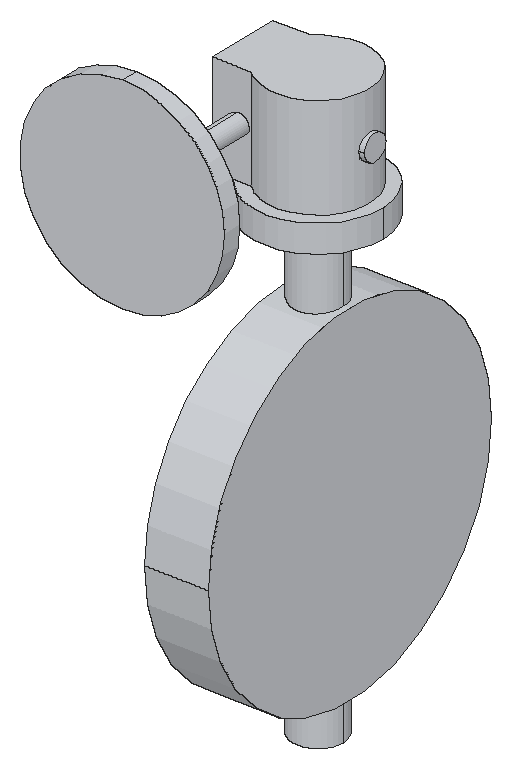
Revit family "HS497-68_disk-nerez_převodové kolo DN350-RFA_2018", category Pipe Accessories, Revit 2018
Family settings
  Round Connector Dimension = Use Diameter
  Part Type = Valve - Breaks Into
  Work Plane-Based = No
  Always vertical = Yes
  Cut with Voids When Loaded = No
  Shared = No
Parameters (values of type "HS 497-68_DN350_PN10_převodové kolo")
  magiProductId = "a5a01426cb28494ba3afca92f1dace"
  magiProductFamilyId = "53cea81e6f374d17b8841d9c72ad77"
  magiPartTypeId = 305
  isMeasuringValve [instance] = no
  ang2D [instance] = 0.00°
  X11 = 109.255 mm
  X1 = 45.255 mm
  W2D = 1000 mm
  VersionID = "2.0/2017.9.26.1/ZETKAMA_497_001"
  Use Minimum Symbol Size [instance] = yes
  URL = "http://www.hydronic.cz"
  Type Comments = "mezipřírubová; nerezový disk; PN10; -10~+110°C (krátkodobě +120°C)"
  SW30 = yes
  SW3 = yes
  SW21 = no
  SW20 = no
  SW2 = no
  SW1 = no
  R = 175 mm
  QmdConnectorList = "301;D;302;D"
  Productdata [instance] = ""
  NC = 70 mm
  Manufacturer = "Hydronic Systems Prague s.r.o."
  MM20 = 45.255 mm
  MC Product Code = "126 350 (nerezový disk, s převodovým kolem; DN350; PN10, kvs10165)"
  M41 = 91.5 mm
  M4 = 61 mm
  LHL = 220 mm
  LHH3 = 2.45 mm
  LHH1 = 46.55 mm
  LH1 = 73.333 mm
  L4R__ve = -L4R  # -22.2 mm
  L4R = 22.2 mm
  L42__ve = -L42  # -166.5 mm
  L42 = 166.5 mm
  L41__ve = -L41  # -33.3 mm
  L41 = 33.3 mm
  L2D_Min = 3048 mm
  L2D = 216 mm
  L2 = 39 mm
  L1 = 62.4 mm
  L = 78 mm
  H = 31 mm
  G22 = 11.25 mm
  G2 = 22.5 mm
  G1 = 90 mm
  G = 160 mm
  F = 22 mm
  E44 = 62.5 mm
  E42 = 125 mm
  E4 = 250 mm
  E23 = 4.9 mm
  E22 = 19.6 mm
  E21 = 9.8 mm
  Description = "Mezipřírubová uzavírací klapka s převodovým kolem; nerezový disk, DN350; PN10; kvs10165"
  DR2 = 175 mm
  DR = 430 mm
  DD1 = 31.25 mm
  DD = 25 mm
  D = 350 mm
  CAT0 = yes
  B2__ve = -B2  # -88 mm
  B2 = 88 mm
  A2 = 33.85 mm
  A1 = 129.65 mm
Types (43, lengths in mm): name | magiProductId | X11 | X1 | Type Comments | SW30 | SW3 | SW20 | SW2 | SW1 | R | NC | Manufacturer | MM20 | MC Product Code | M41 | M4 | LHL | LHH3 | LHH1 | LH1 | L4R__ve | L4R | L42__ve | L42 | L41__ve | L41 | L2 | L1 | L | H | G | F | E44 | E42 | E4 | E23 | E22 | E21 | Description | DR2 | DR | DD1 | DD | D | B2__ve | B2 | A2 | A1
  HS 497-68_DN100_PN16_volné vřeteno | "65d1b245f4f142c78569c0602d5754" | 61.456 | 25.456 | "mezipřírubová; nerezový disk; PN16; -10~+110°C (krátkodobě +120°C)" | no | no | no | no | yes | 50 | 50 | "Hydronic Systems Prague s.r.o." | 25.456 | "124 100 (nerezový disk, s volným vřetenem; DN100; PN16, kvs512)" | 66 | 44 | 220 | 2.45 | 46.55 | 73.333 | -12.8 | 12.8 | -96 | 96 | -19.2 | 19.2 | 26 | 41.6 | 52 | 30 | 90 | 11 | 31.25 | 62.5 | 125 | 4.9 | 19.6 | 9.8 | "Mezipřírubová uzavírací klapka s volným vřetenem; nerezový disk, DN100; PN16; kvs512" | 50 | 147 | 15.625 | 12.5 | 100 | -56 | 56 | 16.5 | 98.5
  HS 497-68_DN100_PN16_převodové kolo | "11e91b807e674d428c8e796fcdcfe2" | 61.456 | 25.456 | "mezipřírubová; nerezový disk; PN16; -10~+110°C (krátkodobě +120°C)" | yes | yes | no | no | no | 50 | 50 | "Hydronic Systems Prague s.r.o." | 25.456 | "126 100 (nerezový disk, s převodovým kolem; DN100; PN16, kvs512)" | 65.25 | 43.5 | 220 | 2.45 | 46.55 | 73.333 | -12.8 | 12.8 | -96 | 96 | -19.2 | 19.2 | 26 | 41.6 | 52 | 30 | 90 | 11 | 31.25 | 62.5 | 125 | 4.9 | 19.6 | 9.8 | "Mezipřírubová uzavírací klapka s převodovým kolem; nerezový disk, DN100; PN16; kvs512" | 50 | 147 | 15.625 | 12.5 | 100 | -56 | 56 | 16.5 | 98.5
  HS 497-68_DN100_PN16_s pákou | "28172f0b3f4b47b28323ac71cf8749" | 61.456 | 25.456 | "mezipřírubová; nerezový disk; PN16; -10~+110°C (krátkodobě +120°C)" | no | no | yes | yes | no | 50 | 50 | "Hydronic Systems Prague s.r.o." | 25.456 | "121 100 (nerezový disk, s pákou; DN100; PN16, kvs512)" | 66 | 44 | 260 | 3 | 57 | 86.667 | -12.8 | 12.8 | -96 | 96 | -19.2 | 19.2 | 26 | 41.6 | 52 | 30 | 90 | 11 | 31.25 | 62.5 | 125 | 6 | 24 | 12 | "Mezipřírubová uzavírací klapka s pákou; nerezový disk, DN100; PN16; kvs512" | 50 | 147 | 15.625 | 12.5 | 100 | -56 | 56 | 16.5 | 98.5
  HS 497-68_DN125_PN16_volné vřeteno | "0d813d910fc14f628bb3c2efbd185c" | 61.456 | 25.456 | "mezipřírubová; nerezový disk; PN16; -10~+110°C (krátkodobě +120°C)" | no | no | no | no | yes | 62.5 | 50 | "Hydronic Systems Prague s.r.o." | 25.456 | "124 125 (nerezový disk, s volným vřetenem; DN125; PN16, kvs872)" | 66 | 44 | 220 | 2.45 | 46.55 | 73.333 | -12.8 | 12.8 | -96 | 96 | -19.2 | 19.2 | 28 | 44.8 | 56 | 33 | 90 | 14 | 31.25 | 62.5 | 125 | 4.9 | 19.6 | 9.8 | "Mezipřírubová uzavírací klapka s volným vřetenem; nerezový disk, DN125; PN16; kvs872" | 62.5 | 180 | 15.625 | 12.5 | 125 | -64 | 64 | 18 | 99.5
  HS 497-68_DN125_PN16_převodové kolo | "c56b7c13f372467684996fb1e0e229" | 61.456 | 25.456 | "mezipřírubová; nerezový disk; PN16; -10~+110°C (krátkodobě +120°C)" | yes | yes | no | no | no | 62.5 | 50 | "Hydronic Systems Prague s.r.o." | 25.456 | "126125 (nerezový disk, s převodovým kolem; DN125; PN16, kvs872)" | 65.25 | 43.5 | 220 | 2.45 | 46.55 | 73.333 | -13.5 | 13.5 | -101.25 | 101.25 | -20.25 | 20.25 | 28 | 44.8 | 56 | 33 | 90 | 14 | 40 | 80 | 160 | 4.9 | 19.6 | 9.8 | "Mezipřírubová uzavírací klapka s převodovým kolem; nerezový disk, DN125; PN16; kvs872" | 62.5 | 180 | 20 | 16 | 125 | -64 | 64 | 18 | 99.5
  HS 497-68_DN125_PN16_s pákou | "105993c79a91492399feef7931321a" | 61.456 | 25.456 | "mezipřírubová; nerezový disk; PN16; -10~+110°C (krátkodobě +120°C)" | no | no | yes | yes | no | 62.5 | 50 | "Hydronic Systems Prague s.r.o." | 25.456 | "121 125 (nerezový disk, s pákou; DN125; PN16, kvs872)" | 66 | 44 | 315 | 3.75 | 71.25 | 105 | -12.8 | 12.8 | -96 | 96 | -19.2 | 19.2 | 28 | 44.8 | 56 | 33 | 90 | 14 | 31.25 | 62.5 | 125 | 7.5 | 30 | 15 | "Mezipřírubová uzavírací klapka s pákou; nerezový disk, DN125; PN16; kvs872" | 62.5 | 180 | 15.625 | 12.5 | 125 | -64 | 64 | 18 | 99.5
  HS 497-68_DN150_PN16_volné vřeteno | "50c80cb8ab434f55ab7796e5ac1331" | 61.456 | 25.456 | "mezipřírubová; nerezový disk; PN16; -10~+110°C (krátkodobě +120°C)" | no | no | no | no | yes | 75 | 50 | "Hydronic Systems Prague s.r.o." | 25.456 | "124 150 (nerezový disk, s volným vřetenem; DN150; PN16, kvs1347)" | 66 | 44 | 220 | 2.45 | 46.55 | 73.333 | -12.8 | 12.8 | -96 | 96 | -19.2 | 19.2 | 28 | 44.8 | 56 | 33 | 90 | 14 | 31.25 | 62.5 | 125 | 4.9 | 19.6 | 9.8 | "Mezipřírubová uzavírací klapka s volným vřetenem; nerezový disk, DN150; PN16; kvs1347" | 75 | 206 | 15.625 | 12.5 | 150 | -58 | 58 | 19.3 | 98.7
  HS 497-68_DN150_PN16_převodové kolo | "d94a1a0cf83b476eb10011b327f709" | 61.456 | 25.456 | "mezipřírubová; nerezový disk; PN16; -10~+110°C (krátkodobě +120°C)" | yes | yes | no | no | no | 75 | 50 | "Hydronic Systems Prague s.r.o." | 25.456 | "126 150 (nerezový disk, s převodovým kolem; DN150; PN16, kvs1347)" | 65.25 | 43.5 | 220 | 2.45 | 46.55 | 73.333 | -13.5 | 13.5 | -101.25 | 101.25 | -20.25 | 20.25 | 28 | 44.8 | 56 | 33 | 90 | 14 | 40 | 80 | 160 | 4.9 | 19.6 | 9.8 | "Mezipřírubová uzavírací klapka s převodovým kolem; nerezový disk, DN150; PN16; kvs1347" | 75 | 206 | 20 | 16 | 150 | -58 | 58 | 19.3 | 98.7
  HS 497-68_DN150_PN16_s pákou | "4d2835523fe84828bc50ff0a5a0dfb" | 61.456 | 25.456 | "mezipřírubová; nerezový disk; PN16; -10~+110°C (krátkodobě +120°C)" | no | no | yes | yes | no | 75 | 50 | "Hydronic Systems Prague s.r.o." | 25.456 | "121 150 (nerezový disk, s pákou; DN150; PN16, kvs1347)" | 66 | 44 | 315 | 3.75 | 71.25 | 105 | -12.8 | 12.8 | -96 | 96 | -19.2 | 19.2 | 28 | 44.8 | 56 | 33 | 90 | 14 | 31.25 | 62.5 | 125 | 7.5 | 30 | 15 | "Mezipřírubová uzavírací klapka s pákou; nerezový disk, DN150; PN16; kvs1347" | 75 | 206 | 15.625 | 12.5 | 150 | -58 | 58 | 19.3 | 98.7
  HS 497-68_DN200_PN16_volné vřeteno | "5b29029eaeba47139ee1055a4b9201" | 61.456 | 25.456 | "mezipřírubová; nerezový disk; PN16; -10~+110°C (krátkodobě +120°C)" | no | no | no | no | yes | 100 | 50 | "Hydronic Systems Prague s.r.o." | 25.456 | "124 200 (nerezový disk, s volným vřetenem; DN200; PN16, kvs2675)" | 66 | 44 | 220 | 2.45 | 46.55 | 73.333 | -12.8 | 12.8 | -96 | 96 | -19.2 | 19.2 | 30 | 48 | 60 | 33 | 90 | 17 | 31.25 | 62.5 | 125 | 4.9 | 19.6 | 9.8 | "Mezipřírubová uzavírací klapka s volným vřetenem; nerezový disk, DN200; PN16; kvs2675" | 100 | 257 | 15.625 | 12.5 | 200 | -70 | 70 | 22.5 | 102.5
  HS 497-68_DN200_PN16_převodové kolo | "b2793cc1fcc44cf2a35062cd67c04f" | 61.456 | 25.456 | "mezipřírubová; nerezový disk; PN16; -10~+110°C (krátkodobě +120°C)" | yes | yes | no | no | no | 100 | 57 | "Hydronic Systems Prague s.r.o." | 25.456 | "126 200 (nerezový disk, s převodovým kolem; DN200; PN16, kvs2675)" | 78.75 | 52.5 | 220 | 2.45 | 46.55 | 73.333 | -15.2 | 15.2 | -114 | 114 | -22.8 | 22.8 | 30 | 48 | 60 | 33 | 90 | 17 | 50 | 100 | 200 | 4.9 | 19.6 | 9.8 | "Mezipřírubová uzavírací klapka s převodovým kolem; nerezový disk, DN200; PN16; kvs2675" | 100 | 257 | 25 | 20 | 200 | -70 | 70 | 22.5 | 102.5
  HS 497-68_DN200_PN16_s pákou | "f88d96c7af224537a51e72d7d8fffe" | 61.456 | 25.456 | "mezipřírubová; nerezový disk; PN16; -10~+110°C (krátkodobě +120°C)" | no | no | yes | yes | no | 100 | 50 | "Hydronic Systems Prague s.r.o." | 25.456 | "121 200 (nerezový disk, s pákou; DN200; PN16, kvs2675)" | 66 | 44 | 315 | 3.75 | 71.25 | 105 | -12.8 | 12.8 | -96 | 96 | -19.2 | 19.2 | 30 | 48 | 60 | 33 | 90 | 17 | 31.25 | 62.5 | 125 | 7.5 | 30 | 15 | "Mezipřírubová uzavírací klapka s pákou; nerezový disk, DN200; PN16; kvs2675" | 100 | 257 | 15.625 | 12.5 | 200 | -70 | 70 | 22.5 | 102.5
  HS 497-68_DN250_PN16_volné vřeteno | "b662e8305ca2402b9c510e66e6aa55" | 88.77 | 36.77 | "mezipřírubová; nerezový disk; PN16; -10~+110°C (krátkodobě +120°C)" | no | no | no | no | yes | 125 | 50 | "Hydronic Systems Prague s.r.o." | 36.77 | "124 250 (nerezový disk, s volným vřetenem; DN250; PN16, kvs4555)" | 66 | 44 | 220 | 2.45 | 46.55 | 73.333 | -12.8 | 12.8 | -96 | 96 | -19.2 | 19.2 | 34 | 54.4 | 68 | 23 | 130 | 22 | 31.25 | 62.5 | 125 | 4.9 | 19.6 | 9.8 | "Mezipřírubová uzavírací klapka s volným vřetenem; nerezový disk, DN250; PN16; kvs4555" | 125 | 324 | 15.625 | 12.5 | 250 | -85 | 85 | 28.25 | 129.25
  HS 497-68_DN250_PN16_převodové kolo | "5ee9016806664ddfaa2632711f295c" | 88.77 | 36.77 | "mezipřírubová; nerezový disk; PN16; -10~+110°C (krátkodobě +120°C)" | yes | yes | no | no | no | 125 | 70 | "Hydronic Systems Prague s.r.o." | 36.77 | "126 250 (nerezový disk, s převodovým kolem; DN250; PN16, kvs4555)" | 91.5 | 61 | 220 | 2.45 | 46.55 | 73.333 | -22.2 | 22.2 | -166.5 | 166.5 | -33.3 | 33.3 | 34 | 54.4 | 68 | 23 | 130 | 22 | 62.5 | 125 | 250 | 4.9 | 19.6 | 9.8 | "Mezipřírubová uzavírací klapka s převodovým kolem; nerezový disk, DN250; PN16; kvs4555" | 125 | 324 | 31.25 | 25 | 250 | -85 | 85 | 28.25 | 129.25
  HS 497-68_DN300_PN16_volné vřeteno | "e1886f51ff004380a649519258edf2" | 88.77 | 36.77 | "mezipřírubová; nerezový disk; PN16; -10~+110°C (krátkodobě +120°C)" | no | no | no | no | yes | 150 | 50 | "Hydronic Systems Prague s.r.o." | 36.77 | "124 300 (nerezový disk, s volným vřetenem; DN300; PN16, kvs7037)" | 66 | 44 | 220 | 2.45 | 46.55 | 73.333 | -12.8 | 12.8 | -96 | 96 | -19.2 | 19.2 | 39 | 62.4 | 78 | 23 | 130 | 22 | 31.25 | 62.5 | 125 | 4.9 | 19.6 | 9.8 | "Mezipřírubová uzavírací klapka s volným vřetenem; nerezový disk, DN300; PN16; kvs7037" | 150 | 376 | 15.625 | 12.5 | 300 | -90 | 90 | 30.8 | 127.2
  HS 497-68_DN300_PN16_převodové kolo | "6860f094f77d42088fbebc3c97f755" | 88.77 | 36.77 | "mezipřírubová; nerezový disk; PN16; -10~+110°C (krátkodobě +120°C)" | yes | yes | no | no | no | 150 | 70 | "Hydronic Systems Prague s.r.o." | 36.77 | "126 300 (nerezový disk, s převodovým kolem; DN300; PN16, kvs7037)" | 91.5 | 61 | 220 | 2.45 | 46.55 | 73.333 | -22.2 | 22.2 | -166.5 | 166.5 | -33.3 | 33.3 | 39 | 62.4 | 78 | 23 | 130 | 22 | 62.5 | 125 | 250 | 4.9 | 19.6 | 9.8 | "Mezipřírubová uzavírací klapka s převodovým kolem; nerezový disk, DN300; PN16; kvs7037" | 150 | 376 | 31.25 | 25 | 300 | -90 | 90 | 30.8 | 127.2
  HS 497-68_DN032_PN16_volné vřeteno | "8c5f65de52aa4067a77564107e31b2" | 61.456 | 25.456 | "mezipřírubová; nerezový disk; PN16; -10~+110°C (krátkodobě +120°C)" | no | no | no | no | yes | 16 | 50 | "Hydronic Systems Prague s.r.o." | 25.456 | "124 032 (nerezový disk, s volným vřetenem; DN32; PN16, kvs78)" | 66 | 44 | 220 | 2.45 | 46.55 | 73.333 | -12.8 | 12.8 | -96 | 96 | -19.2 | 19.2 | 16.5 | 26.4 | 33 | 30 | 90 | 11 | 31.25 | 62.5 | 125 | 4.9 | 19.6 | 9.8 | "Mezipřírubová uzavírací klapka s volným vřetenem; nerezový disk, DN32; PN16; kvs78" | 16 | 68 | 15.625 | 12.5 | 32 | -44.2 | 44.2 | 10.25 | 76.25
  HS 497-68_DN032_PN16_převodové kolo | "60aaeffa8b3a4e809ef000e4660060" | 61.456 | 25.456 | "mezipřírubová; nerezový disk; PN16; -10~+110°C (krátkodobě +120°C)" | yes | yes | no | no | no | 16 | 50 | "Hydronic Systems Prague s.r.o." | 25.456 | "126 032 (nerezový disk, s převodovým kolem; DN32; PN16, kvs78)" | 65.25 | 43.5 | 220 | 2.45 | 46.55 | 73.333 | -12.8 | 12.8 | -96 | 96 | -19.2 | 19.2 | 16.5 | 26.4 | 33 | 30 | 90 | 11 | 31.25 | 62.5 | 125 | 4.9 | 19.6 | 9.8 | "Mezipřírubová uzavírací klapka s převodovým kolem; nerezový disk, DN32; PN16; kvs78" | 16 | 68 | 15.625 | 12.5 | 32 | -44.2 | 44.2 | 10.25 | 76.25
  HS 497-68_DN032_PN16_s pákou | "9ad8088d610749a1b871aa2aad8007" | 61.456 | 25.456 | "mezipřírubová; nerezový disk; PN16; -10~+110°C (krátkodobě +120°C)" | no | no | yes | yes | no | 16 | 50 | "Hydronic Systems Prague s.r.o." | 25.456 | "121 032 (nerezový disk, s pákou; DN32; PN16, kvs78)" | 66 | 44 | 220 | 2.45 | 46.55 | 73.333 | -12.8 | 12.8 | -96 | 96 | -19.2 | 19.2 | 16.5 | 26.4 | 33 | 30 | 90 | 11 | 31.25 | 62.5 | 125 | 4.9 | 19.6 | 9.8 | "Mezipřírubová uzavírací klapka s pákou; nerezový disk, DN32; PN16; kvs78" | 16 | 68 | 15.625 | 12.5 | 32 | -44.2 | 44.2 | 10.25 | 76.25
  HS 497-68_DN350_PN10_volné vřeteno | "72a1e05f22944421b7e9596a877137" | 109.255 | 45.255 | "mezipřírubová; nerezový disk; PN10; -10~+110°C (krátkodobě +120°C)" | no | no | no | no | yes | 175 | 50 | "Hydronic Systems Prague s.r.o." | 45.255 | "124 350 (nerezový disk, s volným vřetenem; DN350; PN10, kvs10165)" | 66 | 44 | 220 | 2.45 | 46.55 | 73.333 | -12.8 | 12.8 | -96 | 96 | -19.2 | 19.2 | 39 | 62.4 | 78 | 31 | 160 | 22 | 31.25 | 62.5 | 125 | 4.9 | 19.6 | 9.8 | "Mezipřírubová uzavírací klapka s volným vřetenem; nerezový disk, DN350; PN10; kvs10165" | 175 | 430 | 15.625 | 12.5 | 350 | -88 | 88 | 33.85 | 129.65
  HS 497-68_DN350_PN10_převodové kolo | "a5a01426cb28494ba3afca92f1dace" | 109.255 | 45.255 | "mezipřírubová; nerezový disk; PN10; -10~+110°C (krátkodobě +120°C)" | yes | yes | no | no | no | 175 | 70 | "Hydronic Systems Prague s.r.o." | 45.255 | "126 350 (nerezový disk, s převodovým kolem; DN350; PN10, kvs10165)" | 91.5 | 61 | 220 | 2.45 | 46.55 | 73.333 | -22.2 | 22.2 | -166.5 | 166.5 | -33.3 | 33.3 | 39 | 62.4 | 78 | 31 | 160 | 22 | 62.5 | 125 | 250 | 4.9 | 19.6 | 9.8 | "Mezipřírubová uzavírací klapka s převodovým kolem; nerezový disk, DN350; PN10; kvs10165" | 175 | 430 | 31.25 | 25 | 350 | -88 | 88 | 33.85 | 129.65
  HS 497-68_DN400_PN10_volné vřeteno | "c70ebeb927c04ab99b176e257ad0a7" | 109.255 | 45.255 | "mezipřírubová; nerezový disk; PN10; -10~+110°C (krátkodobě +120°C)" | no | no | no | no | yes | 200 | 50 | "Hydronic Systems Prague s.r.o." | 45.255 | "124 400 (nerezový disk, s volným vřetenem; DN400; PN10, kvs13799)" | 66 | 44 | 220 | 2.45 | 46.55 | 73.333 | -12.8 | 12.8 | -96 | 96 | -19.2 | 19.2 | 51 | 81.6 | 102 | 31 | 160 | 27 | 31.25 | 62.5 | 125 | 4.9 | 19.6 | 9.8 | "Mezipřírubová uzavírací klapka s volným vřetenem; nerezový disk, DN400; PN10; kvs13799" | 200 | 485 | 15.625 | 12.5 | 400 | -108 | 108 | 38 | 142
  HS 497-68_DN400_PN10_převodové kolo | "cc64a4384dcb41b780d81810f4f293" | 109.255 | 45.255 | "mezipřírubová; nerezový disk; PN10; -10~+110°C (krátkodobě +120°C)" | yes | yes | no | no | no | 200 | 72.5 | "Hydronic Systems Prague s.r.o." | 45.255 | "126 400 (nerezový disk, s převodovým kolem; DN400; PN10, kvs13799)" | 103.5 | 69 | 220 | 2.45 | 46.55 | 73.333 | -27.8 | 27.8 | -208.5 | 208.5 | -41.7 | 41.7 | 51 | 81.6 | 102 | 31 | 160 | 27 | 75 | 150 | 300 | 4.9 | 19.6 | 9.8 | "Mezipřírubová uzavírací klapka s převodovým kolem; nerezový disk, DN400; PN10; kvs13799" | 200 | 485 | 37.5 | 30 | 400 | -108 | 108 | 38 | 142
  HS 497-68_DN040_PN16_volné vřeteno | "35f92312390745e88df5b5c325d9ee" | 61.456 | 25.456 | "mezipřírubová; nerezový disk; PN16; -10~+110°C (krátkodobě +120°C)" | no | no | no | no | yes | 20 | 50 | "Hydronic Systems Prague s.r.o." | 25.456 | "124 040 (nerezový disk, s volným vřetenem; DN40; PN16, kvs78)" | 66 | 44 | 220 | 2.45 | 46.55 | 73.333 | -12.8 | 12.8 | -96 | 96 | -19.2 | 19.2 | 16.5 | 26.4 | 33 | 30 | 90 | 11 | 31.25 | 62.5 | 125 | 4.9 | 19.6 | 9.8 | "Mezipřírubová uzavírací klapka s volným vřetenem; nerezový disk, DN40; PN16; kvs78" | 20 | 76 | 15.625 | 12.5 | 40 | -36 | 36 | 11 | 79
  HS 497-68_DN040_PN16_převodové kolo | "d88e968eae3445bc9b7b4e6ff35127" | 61.456 | 25.456 | "mezipřírubová; nerezový disk; PN16; -10~+110°C (krátkodobě +120°C)" | yes | yes | no | no | no | 20 | 50 | "Hydronic Systems Prague s.r.o." | 25.456 | "126 040 (nerezový disk, s převodovým kolem; DN40; PN16, kvs78)" | 65.25 | 43.5 | 220 | 2.45 | 46.55 | 73.333 | -12.8 | 12.8 | -96 | 96 | -19.2 | 19.2 | 16.5 | 26.4 | 33 | 30 | 90 | 11 | 31.25 | 62.5 | 125 | 4.9 | 19.6 | 9.8 | "Mezipřírubová uzavírací klapka s převodovým kolem; nerezový disk, DN40; PN16; kvs78" | 20 | 76 | 15.625 | 12.5 | 40 | -36 | 36 | 11 | 79
  HS 497-68_DN040_PN16_s pákou | "c1b522ca65b4407a98818f232eaacb" | 61.456 | 25.456 | "mezipřírubová; nerezový disk; PN16; -10~+110°C (krátkodobě +120°C)" | no | no | yes | yes | no | 20 | 50 | "Hydronic Systems Prague s.r.o." | 25.456 | "121 040 (nerezový disk, s pákou; DN40; PN16, kvs78)" | 66 | 44 | 220 | 2.45 | 46.55 | 73.333 | -12.8 | 12.8 | -96 | 96 | -19.2 | 19.2 | 16.5 | 26.4 | 33 | 30 | 90 | 11 | 31.25 | 62.5 | 125 | 4.9 | 19.6 | 9.8 | "Mezipřírubová uzavírací klapka s pákou; nerezový disk, DN40; PN16; kvs78" | 20 | 76 | 15.625 | 12.5 | 40 | -36 | 36 | 11 | 79
  HS 497-68_DN450_PN10_volné vřeteno | "a8358bc282f14872b3194e530e590a" | 129.74 | 53.74 | "mezipřírubová; nerezový disk; PN10; -10~+110°C (krátkodobě +120°C)" | no | no | no | no | yes | 225 | 50 | "Hydronic Systems Prague s.r.o." | 53.74 | "124 450 (nerezový disk, s volným vřetenem; DN450; PN10, kvs18514)" | 66 | 44 | 220 | 2.45 | 46.55 | 73.333 | -12.8 | 12.8 | -96 | 96 | -19.2 | 19.2 | 57 | 91.2 | 114 | 38 | 190 | 36 | 31.25 | 62.5 | 125 | 4.9 | 19.6 | 9.8 | "Mezipřírubová uzavírací klapka s volným vřetenem; nerezový, DN450; PN10; kvs18514" | 225 | 536 | 15.625 | 12.5 | 450 | -115 | 115 | 38.05 | 117.45
  HS 497-68_DN450_PN10_převodové kolo | "cdf2d80f54a9414f9cbe50647c0ebd" | 129.74 | 53.74 | "mezipřírubová; nerezový disk; PN10; -10~+110°C (krátkodobě +120°C)" | yes | yes | no | no | no | 225 | 91.5 | "Zetkama" | 53.74 | "126 450 (nerezový disk, s převodovým kolem; DN450; PN10, kvs18514)" | 144.75 | 96.5 | 220 | 2.45 | 46.55 | 73.333 | -32.1 | 32.1 | -240.75 | 240.75 | -48.15 | 48.15 | 57 | 91.2 | 114 | 38 | 190 | 36 | 100 | 200 | 400 | 4.9 | 19.6 | 9.8 | "Mezipřírubová uzavírací klapka s převodovým kolem; nerezový disk, DN450; PN10; kvs18514" | 225 | 536 | 50 | 40 | 450 | -115 | 115 | 38.05 | 117.45
  HS 497-68_DN500_PN10_volné vřeteno | "8c396e27bb2743f98f3c762b6517cd" | 143.397 | 59.397 | "mezipřírubová; nerezový disk; PN10; -10~+110°C (krátkodobě +120°C)" | no | no | no | no | yes | 250 | 50 | "Hydronic Systems Prague s.r.o." | 59.397 | "124 500 (nerezový disk, s volným vřetenem; DN500; PN10, kvs23805)" | 66 | 44 | 220 | 2.45 | 46.55 | 73.333 | -12.8 | 12.8 | -96 | 96 | -19.2 | 19.2 | 63.5 | 101.6 | 127 | 38 | 210 | 36 | 31.25 | 62.5 | 125 | 4.9 | 19.6 | 9.8 | "Mezipřírubová uzavírací klapka s volným vřetenem; nerezový disk, DN500; PN10; kvs23805" | 250 | 593 | 15.625 | 12.5 | 500 | -130 | 130 | 43.25 | 139.25
  HS 497-68_DN500_PN10_převodové kolo | "7647804f32e94cef828a7034a91a46" | 143.397 | 59.397 | "mezipřírubová; nerezový disk; PN10; -10~+110°C (krátkodobě +120°C)" | yes | yes | no | no | no | 250 | 91.5 | "Zetkama" | 59.397 | "126 500 (nerezový disk, s převodovým kolem; DN500; PN10, kvs23805)" | 144.75 | 96.5 | 220 | 2.45 | 46.55 | 73.333 | -32.1 | 32.1 | -240.75 | 240.75 | -48.15 | 48.15 | 63.5 | 101.6 | 127 | 38 | 210 | 36 | 100 | 200 | 400 | 4.9 | 19.6 | 9.8 | "Mezipřírubová uzavírací klapka s převodovým kolem; nerezový disk, DN500; PN10; kvs23805" | 250 | 593 | 50 | 40 | 500 | -130 | 130 | 43.25 | 139.25
  HS 497-68_DN050_volné vřeteno | "d71f296ecd6d4adf8f6e5d9853b4e0" | 61.456 | 25.456 | "mezipřírubová; nerezový disk; PN16; -10~+110°C (krátkodobě +120°C)" | no | no | no | no | yes | 25 | 50 | "Hydronic Systems Prague s.r.o." | 25.456 | "124 050 (nerezový disk, s volným vřetenem; DN50; PN16, kvs98)" | 66 | 44 | 220 | 2.45 | 46.55 | 73.333 | -12.8 | 12.8 | -96 | 96 | -19.2 | 19.2 | 21.5 | 34.4 | 43 | 30 | 90 | 11 | 31.25 | 62.5 | 125 | 4.9 | 19.6 | 9.8 | "Mezipřírubová uzavírací klapka s volným vřetenem; nerezový disk, DN50; PN16; kvs98" | 25 | 100 | 15.625 | 12.5 | 50 | -36.5 | 36.5 | 12 | 83
  HS 497-68_DN050_PN16_převodové kolo | "2fb080deeaed49c58418b94c1da5a4" | 61.456 | 25.456 | "mezipřírubová; nerezový disk; PN16; -10~+110°C (krátkodobě +120°C)" | yes | yes | no | no | no | 25 | 50 | "Hydronic Systems Prague s.r.o." | 25.456 | "126 050 (nerezový disk, s převodovým kolem; DN50; PN16, kvs98)" | 65.25 | 43.5 | 220 | 2.45 | 46.55 | 73.333 | -12.8 | 12.8 | -96 | 96 | -19.2 | 19.2 | 21.5 | 34.4 | 43 | 30 | 90 | 11 | 31.25 | 62.5 | 125 | 4.9 | 19.6 | 9.8 | "Mezipřírubová uzavírací klapka s převodovým kolem; nerezový disk, DN50; PN16; kvs98" | 25 | 100 | 15.625 | 12.5 | 50 | -36.5 | 36.5 | 12 | 83
  HS 497-68_DN050_PN16_s pákou | "dabc632061f94877a994b9b4e68112" | 61.456 | 25.456 | "mezipřírubová; nerezový disk; PN16; -10~+110°C (krátkodobě +120°C)" | no | no | yes | yes | no | 25 | 50 | "Hydronic Systems Prague s.r.o." | 25.456 | "121 050 (nerezový disk, s pákou; DN50; PN16, kvs98)" | 66 | 44 | 220 | 2.45 | 46.55 | 73.333 | -12.8 | 12.8 | -96 | 96 | -19.2 | 19.2 | 21.5 | 34.4 | 43 | 30 | 90 | 11 | 31.25 | 62.5 | 125 | 4.9 | 19.6 | 9.8 | "Mezipřírubová uzavírací klapka s pákou; nerezový disk, DN50; PN16; kvs98" | 25 | 100 | 15.625 | 12.5 | 50 | -36.5 | 36.5 | 12 | 83
  HS 497-68_DN600_PN10_volné vřeteno | "99d5892c14664fce81a7c5903f7711" | 143.397 | 59.397 | "mezipřírubová; nerezový disk; PN10; -10~+110°C (krátkodobě +120°C)" | no | no | no | no | yes | 300 | 50 | "Hydronic Systems Prague s.r.o." | 59.397 | "124 600 (nerezový disk, s volným vřetenem; DN600; PN10, kvs36778)" | 66 | 44 | 220 | 2.45 | 46.55 | 73.333 | -12.8 | 12.8 | -96 | 96 | -19.2 | 19.2 | 77 | 123.2 | 154 | 80 | 210 | 60 | 31.25 | 62.5 | 125 | 4.9 | 19.6 | 9.8 | "Mezipřírubová uzavírací klapka s volným vřetenem; nerezový disk, DN600; PN10; kvs36788" | 300 | 690 | 15.625 | 12.5 | 600 | -140 | 140 | 49.4 | 144.6
  HS 497-68_DN600_PN10_převodové kolo | "b1e26faab48a4c499f6bb11e7e3002" | 143.397 | 59.397 | "mezipřírubová; lnerezový disk; PN10; -10~+110°C (krátkodobě +120°C)" | yes | yes | no | no | no | 300 | 140 | "Hydronic Systems Prague s.r.o." | 59.397 | "126 600 (nerezový disk, s převodovým kolem; DN600; PN10, kvs36778)" | 206.25 | 137.5 | 220 | 2.45 | 46.55 | 73.333 | -40.8 | 40.8 | -306 | 306 | -61.2 | 61.2 | 77 | 123.2 | 154 | 80 | 210 | 60 | 125 | 250 | 500 | 4.9 | 19.6 | 9.8 | "Mezipřírubová uzavírací klapka s převodovým kolem; nerezový disk, DN600; PN10; kvs36788" | 300 | 690 | 62.5 | 50 | 600 | -140 | 140 | 49.4 | 144.6
  HS 497-68_DN065_PN16_volné vřeteno | "5e5e208646e34ec29f889baab5d08e" | 61.456 | 25.456 | "mezipřírubová; lnerezový disk; PN16; -10~+110°C (krátkodobě +120°C)" | no | no | no | no | yes | 32.5 | 50 | "Hydronic Systems Prague s.r.o." | 25.456 | "124 065 (nerezový disk, s volným vřetenem; DN65; PN16, kvs167)" | 66 | 44 | 220 | 2.45 | 46.55 | 73.333 | -12.8 | 12.8 | -96 | 96 | -19.2 | 19.2 | 23 | 36.8 | 46 | 30 | 90 | 11 | 31.25 | 62.5 | 125 | 4.9 | 19.6 | 9.8 | "Mezipřírubová uzavírací klapka s volným vřetenem; nerezový disk, DN65; PN16; kv167" | 32.5 | 108 | 15.625 | 12.5 | 65 | -36.5 | 36.5 | 13.5 | 89
  HS 497-68_DN065_PN16_převodové kolo | "654d74c8d15540b0bfe523d988ccb3" | 61.456 | 25.456 | "mezipřírubová; nerezový disk; PN16; -10~+110°C (krátkodobě +120°C)" | yes | yes | no | no | no | 32.5 | 50 | "Hydronic Systems Prague s.r.o." | 25.456 | "126 065 (nerezový disk, s převodovým kolem; DN65; PN16, kvs167)" | 65.25 | 43.5 | 220 | 2.45 | 46.55 | 73.333 | -12.8 | 12.8 | -96 | 96 | -19.2 | 19.2 | 23 | 36.8 | 46 | 30 | 90 | 11 | 31.25 | 62.5 | 125 | 4.9 | 19.6 | 9.8 | "Mezipřírubová uzavírací klapka s převodovým kolem; nerezový disk, DN65; PN16; kvs167" | 32.5 | 108 | 15.625 | 12.5 | 65 | -36.5 | 36.5 | 13.5 | 89
  HS 497-68_DN065_PN16_s pákou | "ebeb4b59db0641caaf6d6635ab37b9" | 61.456 | 25.456 | "mezipřírubová; nerezový disk; PN16; -10~+110°C (krátkodobě +120°C)" | no | no | yes | yes | no | 32.5 | 50 | "Hydronic Systems Prague s.r.o." | 25.456 | "121 065 (nerezový disk, s pákou; DN65; PN16, kvs167)" | 66 | 44 | 220 | 2.45 | 46.55 | 73.333 | -12.8 | 12.8 | -96 | 96 | -19.2 | 19.2 | 23 | 36.8 | 46 | 30 | 90 | 11 | 31.25 | 62.5 | 125 | 4.9 | 19.6 | 9.8 | "Mezipřírubová uzavírací klapka s pákou; nerezový disk, DN65; PN16; kvs167" | 32.5 | 108 | 15.625 | 12.5 | 65 | -36.5 | 36.5 | 13.5 | 89
  HS 497-68_DN080_PN16_volné vřeteno | "9e85c75c18654e1185a9c48ed6b00e" | 61.456 | 25.456 | "mezipřírubová; nerezový disk; PN16; -10~+110°C (krátkodobě +120°C)" | no | no | no | no | yes | 40 | 50 | "Hydronic Systems Prague s.r.o." | 25.456 | "124 080 (nerezový disk, s volným vřetenem; DN80; PN16, kvs258)" | 66 | 44 | 220 | 2.45 | 46.55 | 73.333 | -12.8 | 12.8 | -96 | 96 | -19.2 | 19.2 | 23 | 36.8 | 46 | 30 | 90 | 11 | 31.25 | 62.5 | 125 | 4.9 | 19.6 | 9.8 | "Mezipřírubová uzavírací klapka s volným vřetenem; nerezový disk, DN80; PN16; kvs258" | 40 | 124 | 15.625 | 12.5 | 80 | -54 | 54 | 14.1 | 86.9
  HS 497-68_DN080_PN16_převodové kolo | "5b3c8238c3d041e68c75b199e7ea46" | 61.456 | 25.456 | "mezipřírubová; nerezový disk; PN16; -10~+110°C (krátkodobě +120°C)" | yes | yes | no | no | no | 40 | 50 | "Hydronic Systems Prague s.r.o." | 25.456 | "126 080 (nerezový disk, s převodovým kolem; DN80; PN16, kvs258)" | 65.25 | 43.5 | 220 | 2.45 | 46.55 | 73.333 | -12.8 | 12.8 | -96 | 96 | -19.2 | 19.2 | 23 | 36.8 | 46 | 30 | 90 | 11 | 31.25 | 62.5 | 125 | 4.9 | 19.6 | 9.8 | "Mezipřírubová uzavírací klapka s převodovým kolem; nerezový disk, DN80; PN16; kvs258" | 40 | 124 | 15.625 | 12.5 | 80 | -54 | 54 | 14.1 | 86.9
  HS 497-68_DN080_PN16_s pákou | "e414795fab0f4eccb99bc3572c5477" | 61.456 | 25.456 | "mezipřírubová; nerezový disk; PN16; -10~+110°C (krátkodobě +120°C)" | no | no | yes | yes | no | 40 | 50 | "Hydronic Systems Prague s.r.o." | 25.456 | "121 080 (nerezový disk, s pákou; DN80; PN16, kvs258)" | 66 | 44 | 260 | 3 | 57 | 86.667 | -12.8 | 12.8 | -96 | 96 | -19.2 | 19.2 | 23 | 36.8 | 46 | 30 | 90 | 11 | 31.25 | 62.5 | 125 | 6 | 24 | 12 | "Mezipřírubová uzavírací klapka s pákou; nerezový disk, DN80; PN16; kvs258" | 40 | 124 | 15.625 | 12.5 | 80 | -54 | 54 | 14.1 | 86.9
  HS 497-68_DN250_PN16_s pákou | "" | 88.77 | 36.77 | "mezipřírubová; nerezový disk; PN16; -10~+110°C (krátkodobě +120°C)" | no | no | yes | yes | no | 125 | 70 | "Hydronic Systems Prague s.r.o." | 36.77 | "121 250 (nerezový disk, s ákou; DN250; PN16, kvs4555)" | 91.5 | 61 | 220 | 2.45 | 46.55 | 73.333 | -22.2 | 22.2 | -166.5 | 166.5 | -33.3 | 33.3 | 34 | 54.4 | 68 | 23 | 130 | 22 | 62.5 | 125 | 250 | 4.9 | 19.6 | 9.8 | "Mezipřírubová uzavírací klapka s pákou; nerezový disk, DN250; PN16; kvs4555" | 125 | 324 | 31.25 | 25 | 250 | -85 | 85 | 28.25 | 129.25
  HS 497-68_DN300_PN16_s pákou | "" | 88.77 | 36.77 | "mezipřírubová; nerezový disk; PN16; -10~+110°C (krátkodobě +120°C)" | no | no | yes | yes | no | 150 | 70 | "Hydronic Systems Prague s.r.o." | 36.77 | "121 300 (nerezový disk, s pákou; DN300; PN16, kvs7037)" | 91.5 | 61 | 220 | 2.45 | 46.55 | 73.333 | -22.2 | 22.2 | -166.5 | 166.5 | -33.3 | 33.3 | 39 | 62.4 | 78 | 23 | 130 | 22 | 62.5 | 125 | 250 | 4.9 | 19.6 | 9.8 | "Mezipřírubová uzavírací klapka s pákou; nerezový disk, DN300; PN16; kvs7037" | 150 | 376 | 31.25 | 25 | 300 | -90 | 90 | 30.8 | 127.2
Reference planes
  plane 1 "Center (Front/Back)": y = 0
  plane 2 "XYPLANE": z = 0
  plane 3 "Center (Left/Right)": x = 0
  plane 4 "473": x = -45.255
  plane 5 "472": x = -91.5
  plane 6 "471": y = -45.255
  plane 7 "470": y = 45.255
  plane 8 "469": x = -61
  plane 9 "468": y = -199.8
  plane 10 "467": y = -166.5
  plane 11 "466": z = 401
  plane 12 "465": z = 385.05
  plane 13 "464": y = 145.417
  plane 14 "463": z = 375.25
  plane 15 "462": z = 358.1
  plane 16 "461": z = 367.9
  plane 17 "460": y = 72.083
  plane 18 "459": x = -11.25
  plane 19 "458": x = 11.25
  plane 20 "457": y = -6.25
  plane 21 "456": x = -17.5
  plane 22 "455": x = 17.5
  plane 23 "454": z = 372.8
  plane 24 "453": y = 62.083
  plane 25 "452": y = -11.25
  plane 26 "451": x = -22.5
  plane 27 "450": x = 22.5
  plane 28 "449": z = 353.2
  plane 29 "448": z = 348.3
  plane 30 "447": z = -175
  plane 31 "446": z = 338.5
  plane 32 "445": z = 304.65
  plane 33 "444": z = 175
  plane 34 "443": x = 39
  plane 35 "442": x = -39
  plane 36 "441": z = 0
  plane 37 "440": y = 0
  plane 38 "439": x = 0
  plane 39 "438": z = 387.5
  plane 40 "437": z = 372.8
  plane 41 "436": x = 13.7
  plane 42 "435": x = -13.7
  plane 43 "434": y = 220
Forms (mm)
  Extrusion 1, solid, visible <- "SW3"
    sketch origin (-750, 0, 338.5) x (1, 0, 0) y (0, 1, 0)
      loop
        line (658.5, 45.255) -> (658.5, -45.255) -> (704.745, -45.255)
        arc (704.745, -45.255) -> (814, 0) -> (704.745, 45.255) r 64
        line (704.745, 45.255) -> (658.5, 45.255)
    from 0 to 125 <- "E42"
  Extrusion 2, solid, visible <- "SW30"
    sketch origin (0, -750, 0) x (0, 1, 0) y (0, 0, 1)
      loop
        circle (750, 401) r 15.625
    from 0 to 70 <- "NC"
  Extrusion 3, solid, visible <- "SW30"
    sketch origin (750, -199.8, 0) x (-1, 0, 0) y (0, 0, 1)
      loop
        circle (811, 401) r 125
    from 0 to -22.2 <- "L4R__ve"
  Extrusion 4, solid, visible <- "SW3"
    sketch origin (750, -166.5, 0) x (-1, 0, 0) y (0, 0, 1)
      loop
        circle (811, 401) r 15.625
    from 0 to -33.3 <- "L41__ve"
  Extrusion 5, solid, visible <- "SW30"
    sketch origin (750, 0, 0) x (-1, 0, 0) y (0, 0, 1)
      loop
        circle (811, 401) r 12.5
    from 0 to -166.5 <- "L42__ve"
  Blend 6, solid, visible <- "SW21"
    base sketch origin (750, 72.083, 0) x (-1, 0, 0) y (0, 0, 1)
      loop
        line (761.25, 367.9) -> (738.75, 367.9) -> (738.75, 358.1) -> (761.25, 358.1) -> (761.25, 367.9)
    top sketch origin (750, 72.083, 0) x (-1, 0, 0) y (0, 0, 1)
      loop
        line (761.25, 385.05) -> (738.75, 385.05) -> (738.75, 375.25) -> (761.25, 375.25) -> (761.25, 385.05)
    from 0 to 73.333
  Blend 7, solid, visible <- "SW21"
    base sketch origin (750, 62.083, 0) x (-1, 0, 0) y (0, 0, 1)
      loop
        line (761.25, 372.8) -> (738.75, 372.8) -> (738.75, 353.2) -> (761.25, 353.2) -> (761.25, 372.8)
    top sketch origin (750, 62.083, 0) x (-1, 0, 0) y (0, 0, 1)
      loop
        line (761.25, 367.9) -> (738.75, 367.9) -> (738.75, 358.1) -> (761.25, 358.1) -> (761.25, 367.9)
    from 0 to 10
  Blend 8, solid, visible <- "SW21"
    base sketch origin (-750, 0, 353.2) x (1, 0, 0) y (0, 1, 0)
      loop
        line (772.5, 62.083) -> (727.5, 62.083) -> (727.5, -11.25)
        arc (727.5, -11.25) -> (750, -31.25) -> (772.5, -11.25) r 22.656
        line (772.5, -11.25) -> (772.5, 62.083)
    top sketch origin (-750, 0, 353.2) x (1, 0, 0) y (0, 1, 0)
      loop
        line (767.5, 62.083) -> (732.5, 62.083) -> (732.5, -6.25)
        arc (732.5, -6.25) -> (750, -26.25) -> (767.5, -6.25) r 17.656
        line (767.5, -6.25) -> (767.5, 62.083)
    from 0 to 19.6
  Extrusion 9, solid, visible <- "SW2"
    sketch origin (-750, 0, 348.3) x (1, 0, 0) y (0, 1, 0)
      loop
        circle (750, 0) r 11.25
    from 0 to 4.9 <- "E23"
  Extrusion 10, solid, visible <- "SW2"
    sketch origin (-750, 0, 338.5) x (1, 0, 0) y (0, 1, 0)
      loop
        circle (750, 0) r 45
    from 0 to 9.8 <- "E21"
  Extrusion 11, solid, visible <- "CAT0"
    sketch origin (-750, 0, -175) x (1, 0, 0) y (0, 1, 0)
      loop
        circle (750, 0) r 31.2
    from 0 to -88 <- "B2__ve"
  Extrusion 12, solid, visible <- "CAT0"
    sketch origin (-750, 0, 304.65) x (1, 0, 0) y (0, 1, 0)
      loop
        circle (750, 0) r 80
    from 0 to 33.85 <- "A2"
  Extrusion 13, solid, visible <- "CAT0"
    sketch origin (-750, 0, 175) x (1, 0, 0) y (0, 1, 0)
      loop
        circle (750, 0) r 31.2
    from 0 to 129.65 <- "A1"
  Extrusion 14, solid, visible <- "CAT0"
    sketch origin (-39, -750, 0) x (0, 1, 0) y (0, 0, 1)
      loop
        circle (750, 0) r 215
    from 0 to 78 <- "L"
  Extrusion 15, solid, visible <- "SW1"
    sketch origin (-750, 0, 338.5) x (1, 0, 0) y (0, 1, 0)
      loop
        line (761, 11) -> (739, 11) -> (739, -11) -> (761, -11) -> (761, 11)
    from 0 to 31 <- "H"
  Blend 16, solid, visible <- "SW2"
    base sketch origin (750, 145.417, 0) x (-1, 0, 0) y (0, 0, 1)
      loop
        arc (763.7, 382.5) -> (762.236, 386.036) -> (758.7, 387.5) r 5
        line (758.7, 387.5) -> (741.3, 387.5)
        arc (741.3, 387.5) -> (737.764, 386.036) -> (736.3, 382.5) r 5
        line (736.3, 382.5) -> (736.3, 377.8)
        arc (736.3, 377.8) -> (737.764, 374.264) -> (741.3, 372.8) r 5
        line (741.3, 372.8) -> (758.7, 372.8)
        arc (758.7, 372.8) -> (762.236, 374.264) -> (763.7, 377.8) r 5
        line (763.7, 377.8) -> (763.7, 382.5)
    top sketch origin (750, 145.417, 0) x (-1, 0, 0) y (0, 0, 1)
      loop
        arc (763.7, 382.5) -> (762.236, 386.036) -> (758.7, 387.5) r 5
        line (758.7, 387.5) -> (741.3, 387.5)
        arc (741.3, 387.5) -> (737.764, 386.036) -> (736.3, 382.5) r 5
        line (736.3, 382.5) -> (736.3, 377.8)
        arc (736.3, 377.8) -> (737.764, 374.264) -> (741.3, 372.8) r 5
        line (741.3, 372.8) -> (758.7, 372.8)
        arc (758.7, 372.8) -> (762.236, 374.264) -> (763.7, 377.8) r 5
        line (763.7, 377.8) -> (763.7, 382.5)
    from 0 to 74.583
  Blend 17, solid, visible <- "SW20"
    base sketch origin (750, 145.417, 0) x (-1, 0, 0) y (0, 0, 1)
      loop
        line (763.7, 387.5) -> (736.3, 387.5) -> (736.3, 372.8) -> (763.7, 372.8) -> (763.7, 387.5)
    top sketch origin (750, 145.417, 0) x (-1, 0, 0) y (0, 0, 1)
      loop
        line (761.25, 372.8) -> (738.75, 372.8) -> (738.75, 353.2) -> (761.25, 353.2) -> (761.25, 372.8)
    from 0 to -83.333
  Extrusion 18, solid, visible <- "SW20"
    sketch origin (-750, 0, 353.2) x (1, 0, 0) y (0, 1, 0)
      loop
        line (772.5, 62.083) -> (727.5, 62.083) -> (727.5, -11.25)
        arc (727.5, -11.25) -> (750, -31.25) -> (772.5, -11.25) r 22.656
        line (772.5, -11.25) -> (772.5, 62.083)
    from 0 to 19.6 <- "E22"
  Extrusion 19, solid, not visible
    sketch origin (-39, -750, 0) x (0, 1, 0) y (0, 0, 1)
      loop
        circle (750, 0) r 10
    from 0 to 10
  Extrusion 20, solid, not visible
    sketch origin (39, -750, 0) x (0, 1, 0) y (0, 0, 1)
      loop
        circle (750, 0) r 10
    from 0 to -10
Lines and regions (mm)
  reference lines, not visible
    curve 1: circle (2, 2, 0) r 1 normal (0, 0, 1)
  reference lines
    curve 2: line (-45.255, -45.255, 338.5) -> (-45.255, 45.255, 338.5)
    curve 3: line (-17.5, -6.25, 353.2) -> (17.5, -6.25, 353.2)
    curve 4: line (-22.5, -11.25, 353.2) -> (22.5, -11.25, 353.2)
    curve 5: circle (0, 0, 338.5) r 1 normal (0, 0, 1)
    curve 6: line (-22.5, -11.25, 353.2) -> (22.5, -11.25, 353.2)
Dimensions and locks
  plane 1 "Center (Front/Back)" to curve 1 = 2 mm
  "X1": plane 3 "Center (Left/Right)" to plane 4 "473"
  "M41": plane 3 "Center (Left/Right)" to plane 5 "472"
  "MM20": plane 1 "Center (Front/Back)" to plane 6 "471"
  "MM20": plane 1 "Center (Front/Back)" to plane 7 "470"
  "M4": plane 3 "Center (Left/Right)" to plane 8 "469"
  "L41": plane 10 "467" to plane 9 "468"
  "L42": plane 1 "Center (Front/Back)" to plane 10 "467"
  "E44": plane 31 "446" to plane 11 "466"
  "LHH1": plane 31 "446" to plane 12 "465"
  "LH1": plane 17 "460" to plane 13 "464"
  "E21": plane 12 "465" to plane 14 "463"
  "E21": plane 16 "461" to plane 15 "462"
  "E23": plane 23 "454" to plane 16 "461"
  locked: plane 24 "453" to plane 17 "460" at 10
  "G22": plane 3 "Center (Left/Right)" to plane 18 "459"
  "G22": plane 3 "Center (Left/Right)" to plane 19 "458"
  locked: plane 25 "452" to plane 20 "457" at 5
  locked: plane 26 "451" to plane 21 "456" at 5
  locked: plane 27 "450" to plane 22 "455" at 5
  "E22": plane 28 "449" to plane 23 "454"
  "LH1": plane 25 "452" to plane 24 "453"
  "G22": plane 1 "Center (Front/Back)" to plane 25 "452"
  "G2": plane 3 "Center (Left/Right)" to plane 26 "451"
  "G2": plane 3 "Center (Left/Right)" to plane 27 "450"
  "E23": plane 29 "448" to plane 28 "449"
  "E21": plane 31 "446" to plane 29 "448"
  "R": plane 2 "XYPLANE" to plane 30 "447"
  "A2": plane 32 "445" to plane 31 "446"
  "A1": plane 33 "444" to plane 32 "445"
  "DR2": plane 2 "XYPLANE" to plane 33 "444"
  "L2": plane 3 "Center (Left/Right)" to plane 34 "443"
  "L2": plane 3 "Center (Left/Right)" to plane 35 "442"
  locked: plane 2 "XYPLANE" to plane 36 "441"
  locked: plane 1 "Center (Front/Back)" to plane 37 "440"
  locked: plane 3 "Center (Left/Right)" to plane 38 "439"
  "LHH3": plane 12 "465" to plane 39 "438"
  "LHH3": plane 14 "463" to plane 40 "437"
  "LHH3": plane 19 "458" to plane 41 "436"
  "LHH3": plane 18 "459" to plane 42 "435"
  "LHL": plane 1 "Center (Front/Back)" to plane 43 "434"
  "X11": curve 2 to Extrusion 1 sketch curve
  Extrusion 1 sketch curve to Extrusion 1 sketch curve = 0 mm  (x8)
  Blend 6 sketch curve to Blend 6 sketch curve = 0 mm  (x16)
  Blend 7 sketch curve to Blend 7 sketch curve = 0 mm  (x16)
  Blend 8 sketch curve to Blend 8 sketch curve = 0 mm  (x16)
  equal spacing: Extrusion 15 sketch curve, curve 5, Extrusion 15 sketch curve  (x2)
  "F": Extrusion 15 sketch curve to Extrusion 15 sketch curve  (x2)
  Blend 16 sketch curve to Blend 16 sketch curve = 0 mm  (x32)
  Blend 17 sketch curve to Blend 17 sketch curve = 0 mm  (x16)
  Extrusion 18 sketch curve to Extrusion 18 sketch curve = 0 mm  (x8)
  "DD1": diameter of Extrusion 2 sketch curve
  "E4": diameter of Extrusion 3 sketch curve
  "DD1": diameter of Extrusion 4 sketch curve
  "DD": diameter of Extrusion 5 sketch curve
  "G2": diameter of Extrusion 9 sketch curve
  "G1": diameter of Extrusion 10 sketch curve
  "L1": diameter of Extrusion 11 sketch curve
  "G": diameter of Extrusion 12 sketch curve
  "L1": diameter of Extrusion 13 sketch curve
  "DR": diameter of Extrusion 14 sketch curve
  radius of Blend 16 sketch curve = 5 mm  (x8)
  aligned and locked: level to plane 2 "XYPLANE"
  aligned and locked: Extrusion 1 sketch curve to plane 5 "472"
  aligned and locked: plane 7 "470" to Extrusion 1 sketch curve
  aligned and locked: plane 6 "471" to Extrusion 1 sketch curve
  aligned and locked: plane 5 "472" to Extrusion 1 sketch curve
  aligned and locked: plane 4 "473" to Extrusion 1 sketch curve  (x2)
  aligned and locked: plane 4 "473" to curve 2
  aligned and locked: plane 6 "471" to curve 2
  aligned and locked: plane 7 "470" to curve 2
  aligned and locked: Extrusion 1 sketch curve to plane 7 "470"
  aligned and locked: plane 11 "466" to Extrusion 2 sketch curve
  aligned and locked: plane 37 "440" to Extrusion 2 sketch curve
  aligned and locked: plane 8 "469" to Extrusion 3 sketch curve
  aligned and locked: plane 11 "466" to Extrusion 3 sketch curve
  aligned and locked: plane 8 "469" to Extrusion 4 sketch curve
  aligned and locked: plane 11 "466" to Extrusion 4 sketch curve
  aligned and locked: plane 8 "469" to Extrusion 5 sketch curve
  aligned and locked: plane 11 "466" to Extrusion 5 sketch curve
  aligned and locked: plane 12 "465" to Blend 6 sketch curve  (x2)
  aligned and locked: plane 18 "459" to Blend 6 sketch curve  (x4)
  aligned and locked: plane 19 "458" to Blend 6 sketch curve  (x4)
  aligned and locked: plane 14 "463" to Blend 6 sketch curve  (x2)
  aligned and locked: plane 16 "461" to Blend 6 sketch curve  (x2)
  aligned and locked: plane 15 "462" to Blend 6 sketch curve  (x2)
  aligned and locked: plane 13 "464" to Blend 6
  aligned and locked: plane 16 "461" to Blend 7 sketch curve  (x2)
  aligned and locked: plane 18 "459" to Blend 7 sketch curve  (x4)
  aligned and locked: plane 19 "458" to Blend 7 sketch curve  (x4)
  aligned and locked: plane 15 "462" to Blend 7 sketch curve  (x2)
  aligned and locked: plane 23 "454" to Blend 7 sketch curve  (x2)
  aligned and locked: plane 28 "449" to Blend 7 sketch curve  (x2)
  aligned and locked: plane 17 "460" to Blend 7
  aligned and locked: plane 24 "453" to Blend 8 sketch curve  (x4)
  aligned and locked: plane 22 "455" to Blend 8 sketch curve  (x2)
  aligned and locked: plane 21 "456" to Blend 8 sketch curve
  aligned and locked: plane 20 "457" to Blend 8 sketch curve  (x2)
  aligned and locked: curve 3 to plane 20 "457"
  aligned and locked: plane 21 "456" to curve 3
  aligned and locked: plane 22 "455" to curve 3
  aligned and locked: plane 27 "450" to Blend 8 sketch curve  (x2)
  aligned and locked: plane 26 "451" to Blend 8 sketch curve
  aligned and locked: plane 25 "452" to Blend 8 sketch curve  (x2)
  aligned and locked: curve 4 to plane 25 "452"
  aligned and locked: plane 26 "451" to curve 4
  aligned and locked: plane 27 "450" to curve 4
  aligned and locked: plane 23 "454" to Blend 8
  aligned and locked: plane 37 "440" to Extrusion 9 sketch curve
  aligned and locked: plane 38 "439" to Extrusion 9 sketch curve
  aligned and locked: plane 37 "440" to Extrusion 10 sketch curve
  aligned and locked: plane 38 "439" to Extrusion 10 sketch curve
  aligned and locked: plane 37 "440" to Extrusion 11 sketch curve
  aligned and locked: plane 38 "439" to Extrusion 11 sketch curve
  aligned and locked: plane 37 "440" to Extrusion 12 sketch curve
  aligned and locked: plane 38 "439" to Extrusion 12 sketch curve
  aligned and locked: plane 37 "440" to Extrusion 13 sketch curve
  aligned and locked: plane 38 "439" to Extrusion 13 sketch curve
  aligned and locked: plane 36 "441" to Extrusion 14 sketch curve
  aligned and locked: Extrusion 14 sketch curve to plane 37 "440"
  aligned and locked: plane 37 "440" to curve 5
  aligned and locked: plane 38 "439" to curve 5
  aligned and locked: plane 39 "438" to Blend 16 sketch curve  (x2)
  aligned and locked: plane 41 "436" to Blend 16 sketch curve  (x2)
  aligned and locked: Blend 16 sketch curve to plane 40 "437"  (x2)
  aligned and locked: Blend 16 sketch curve to plane 42 "435"  (x2)
  aligned and locked: plane 43 "434" to Blend 16
  aligned and locked: plane 23 "454" to Blend 17 sketch curve  (x2)
  aligned and locked: plane 18 "459" to Blend 17 sketch curve  (x2)
  aligned and locked: plane 19 "458" to Blend 17 sketch curve  (x2)
  aligned and locked: plane 28 "449" to Blend 17 sketch curve  (x2)
  aligned and locked: plane 39 "438" to Blend 17 sketch curve  (x2)
  aligned and locked: plane 42 "435" to Blend 17 sketch curve  (x2)
  aligned and locked: plane 41 "436" to Blend 17 sketch curve  (x2)
  aligned and locked: plane 40 "437" to Blend 17 sketch curve  (x2)
  aligned and locked: Blend 17 to plane 24 "453"
  aligned and locked: plane 24 "453" to Extrusion 18 sketch curve  (x2)
  aligned and locked: plane 27 "450" to Extrusion 18 sketch curve  (x2)
  aligned and locked: plane 26 "451" to Extrusion 18 sketch curve
  aligned and locked: plane 25 "452" to Extrusion 18 sketch curve  (x2)
  aligned and locked: curve 6 to plane 25 "452"
  aligned and locked: plane 26 "451" to curve 6
  aligned and locked: plane 27 "450" to curve 6
  aligned and locked: plane 36 "441" to Extrusion 19 sketch curve
  aligned and locked: Extrusion 19 sketch curve to plane 37 "440"
  aligned and locked: plane 36 "441" to Extrusion 20 sketch curve
  aligned and locked: Extrusion 20 sketch curve to plane 37 "440"
Automatic sketch dimensions
  Blend 8 sketch curve to plane 20 "457" = 2.344 mm  (x2)
  Extrusion 18 sketch curve to plane 20 "457" = 2.344 mm
  plane 25 "452" to Extrusion 19 sketch curve = 1.25 mm
  plane 25 "452" to Extrusion 20 sketch curve = 1.25 mm
  plane 3 "Center (Left/Right)" to curve 1 = 2 mm
  Extrusion 15 sketch curve to plane 3 "Center (Left/Right)" = 11 mm
  Extrusion 15 sketch curve to plane 20 "457" = 4.75 mm
  radius of curve 5 = 1 mm
  radius of curve 1 = 1 mm
Connectors
  piping at (-39, 0, 0), diameter 350, driven by "D"
    settings: on Extrusion 19, index 1, connector inside diameter 609.6 mm, connector length 0 mm, flow factor 0, pipe flow 0.0 L/s, pressure drop 0.0 Pa, fitting loss kfactor 0, connector angle 0.00°, fixture units 0, engagement length 0 mm, angle of deflection 0.00°, flow configuration 0, flow direction 0, fitting loss method 0, system type 29, joint type 0, gender type 0, connector reference index 2, connector utility 0, adjustable connector no, is connector primary yes, connector description ""
  piping at (39, 0, 0), diameter 350, driven by "D"
    settings: on Extrusion 20, index 2, connector inside diameter 609.6 mm, connector length 0 mm, flow factor 0, pipe flow 0.0 L/s, pressure drop 0.0 Pa, fitting loss kfactor 0, connector angle 0.00°, fixture units 0, engagement length 0 mm, angle of deflection 0.00°, flow configuration 0, flow direction 0, fitting loss method 0, system type 29, joint type 0, gender type 0, connector reference index 1, connector utility 0, adjustable connector no, is connector primary no, connector description ""
